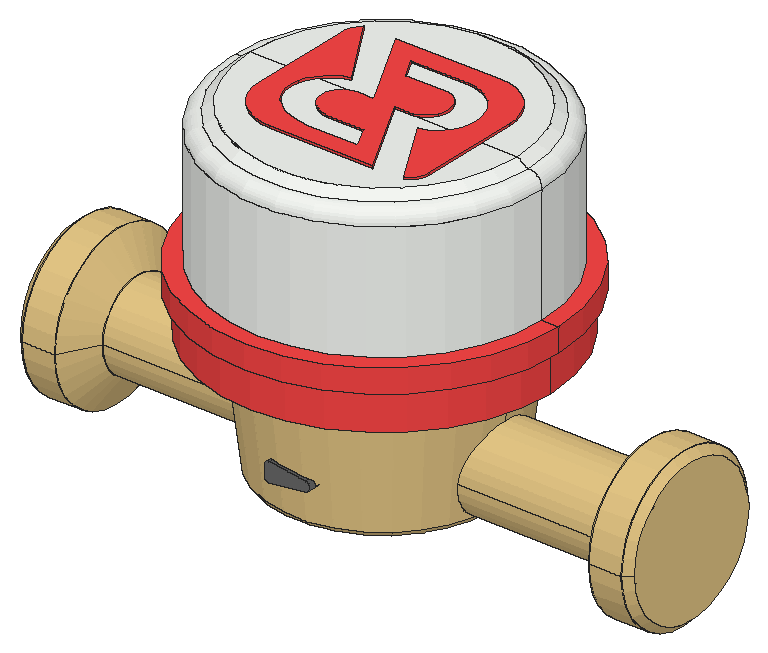
Revit family "РИДАН_Счетчик горячей и холодной воды СГВ", category Арматура трубопроводов, Revit 2019
Family settings
  Размер круглого соединителя = Использовать диаметр
  Тип детали = Вставляется
  На основе рабочей плоскости = Нет
  Всегда вертикально = Да
  При загрузке вырезать с полостями = Нет
  Общий = Нет
Parameters (values of type "СГВ-20МВ Без фитингов")
  Фитинги = or(num = 1, num = 2, num = 3, num = 7, num = 8, num = 9, num = 13, num = 14, num = 15)  # no
  Контакты_Производитель = "info@ridan.ru"  # constant formula
  Изготовитель = "ООО «Ридан-Трейд»"  # constant formula
  num = 18
  k = (i1 * 2) + (a * 2) + (b * 2) + (c * 2) + d  # 130 mm
  j1 = 5 mm  # constant formula
  j = if(ADSK_Диаметр условный = 15 mm, 30 mm, 37 mm)  # 37 mm
  i1 = if(Фитинги, i, 0 mm)  # 0 mm
  i = if(ADSK_Диаметр условный = 15 mm, 27 mm, 30 mm)  # 30 mm
  h = size_lookup(LT, "h", 20 mm, num)  # 9.25 mm
  g = size_lookup(LT, "g", 20 mm, num)  # 16.62 mm
  f = size_lookup(LT, "f", 20 mm, num)  # 15.02 mm
  e = size_lookup(LT, "e", 20 mm, num)  # 52.24 mm
  d = size_lookup(LT, "d", 20 mm, num)  # 104.48 mm
  c = size_lookup(LT, "c", 20 mm, num)  # 4.26 mm
  b = size_lookup(LT, "b", 20 mm, num)  # 6.9 mm
  a = size_lookup(LT, "a", 20 mm, num)  # 1.6 mm
  URL = "https://ridan.ru/"
  LT = "Table"  # constant formula
  DN = size_lookup(LT, "DN1", 20 mm, num)  # 25 mm
  ADSK_Расход жидкости = 0 m³/h
  ADSK_Наименование = size_lookup(LT, "Name", "", num)  # "Счётчик воды СГВ-20МВ Ридан Без фитингов"
  ADSK_Масса_Текст = ""
  ADSK_Масса = size_lookup(LT, "M", 0, num)  # 0.38
  ADSK_Марка = size_lookup(LT, "Mark", "", num)  # "СГВ-20МВ"
  ADSK_Количество = 1  # constant formula
  ADSK_Код изделия = size_lookup(LT, "", "", num)  # "187F2074R"
  ADSK_Завод-изготовитель = "ООО «Ридан-Трейд»"  # constant formula
  ADSK_Единица измерения = "шт."
  ADSK_Диаметр условный = size_lookup(LT, "DN", 20 mm, num)  # 20 mm
  ADSK_Версия семейства = "1.0"  # constant formula
  ADSK_Версия Revit = "2019"  # constant formula
Types (19, lengths in mm): name | Фитинги | num | k | j | i1 | i | h | g | f | e | d | c | b | a | DN | ADSK_Наименование | ADSK_Масса | ADSK_Марка | ADSK_Код изделия | ADSK_Диаметр условный
  (no name) | no | 18 | 130 | 37 | 0 | 30 | 9.25 | 16.62 | 15.02 | 52.24 | 104.48 | 4.26 | 6.9 | 1.6 | 25 | "Счётчик воды СГВ-20МВ Ридан Без фитингов" | 0.38 | "СГВ-20МВ" | "187F2074R" | 20
  СГВ-15ЭВ RS-485 (L80) С фитингами | yes | 1 | 134 | 30 | 27 | 27 | 7.47 | 13.22 | 12.02 | 29.675 | 59.36 | 3.32 | 5.8 | 1.2 | 15 | "Счётчик воды СГВ-15ЭВ RS-485 Ридан (L80) С фитингами" | 0.35 | "СГВ-15ЭВ" | "187F2045R" | 15
  СГВ-15ЭВ RS-485 С фитингами | yes | 2 | 164.01 | 30 | 27 | 27 | 7.47 | 13.22 | 12.02 | 44.68 | 89.37 | 3.32 | 5.8 | 1.2 | 15 | "Счётчик воды СГВ-15ЭВ RS-485 Ридан С фитингами" | 0.44 | "СГВ-15ЭВ" | "187F2046R" | 15
  СГВ-20ЭВ RS-485 С фитингами | yes | 3 | 190 | 37 | 30 | 30 | 9.25 | 16.62 | 15.02 | 52.24 | 104.48 | 4.26 | 6.9 | 1.6 | 20 | "Счётчик воды СГВ-20ЭВ RS-485 Ридан С фитингами" | 0.48 | "СГВ-20ЭВ" | "187F2047R" | 20
  СГВ-15ЭВ RS-485 (L80) Без фитингов | no | 4 | 80 | 30 | 0 | 27 | 7.47 | 13.22 | 12.02 | 29.675 | 59.36 | 3.32 | 5.8 | 1.2 | 20 | "Счётчик воды СГВ-15ЭВ RS-485 Ридан (L80) Без фитингов" | 0.29 | "СГВ-15ЭВ" | "187F2048R" | 15
  СГВ-15ЭВ RS-485 Без фитингов | no | 5 | 110.01 | 30 | 0 | 27 | 7.47 | 13.22 | 12.02 | 44.68 | 89.37 | 3.32 | 5.8 | 1.2 | 20 | "Счётчик воды СГВ-15ЭВ RS-485 Ридан Без фитингов" | 0.54 | "СГВ-15ЭВ" | "187F2049R" | 15
  СГВ-20ЭВ RS-485 Без фитингов | no | 6 | 130 | 37 | 0 | 30 | 9.25 | 16.62 | 15.02 | 52.24 | 104.48 | 4.26 | 6.9 | 1.6 | 25 | "Счётчик воды СГВ-20ЭВ RS-485 Ридан Без фитингов" | 0.4 | "СГВ-20ЭВ" | "187F2050R" | 20
  СГВ-15МВ c имп. вых. (L80) С фитингами | yes | 7 | 134 | 30 | 27 | 27 | 7.47 | 13.22 | 12.02 | 29.675 | 59.36 | 3.32 | 5.8 | 1.2 | 15 | "Счётчик воды СГВ-15МВ c имп. вых. Ридан (L80) С фитингами" | 0.39 | "СГВ-15МВ" | "187F2063R" | 15
  СГВ-15МВ c имп. вых. С фитингами | yes | 8 | 164.01 | 30 | 27 | 27 | 7.47 | 13.22 | 12.02 | 44.68 | 89.37 | 3.32 | 5.8 | 1.2 | 15 | "Счётчик воды СГВ-15МВ c имп. вых. Ридан С фитингами" | 0.35 | "СГВ-15МВ" | "187F2064R" | 15
  СГВ-20МВ c имп. вых. С фитингами | yes | 9 | 190 | 37 | 30 | 30 | 9.25 | 16.62 | 15.02 | 52.24 | 104.48 | 4.26 | 6.9 | 1.6 | 20 | "Счётчик воды СГВ-20МВ c имп. вых. Ридан С фитингами" | 0.5 | "СГВ-20МВ" | "187F2065R" | 20
  СГВ-15МВ c имп. вых. (L80) Без фитингов | no | 10 | 80 | 30 | 0 | 27 | 7.47 | 13.22 | 12.02 | 29.675 | 59.36 | 3.32 | 5.8 | 1.2 | 20 | "Счётчик воды СГВ-15МВ c имп. вых. Ридан (L80) Без фитингов" | 0.25 | "СГВ-15МВ" | "187F2066R" | 15
  СГВ-15МВ c имп. вых. Без фитингов | no | 11 | 110.01 | 30 | 0 | 27 | 7.47 | 13.22 | 12.02 | 44.68 | 89.37 | 3.32 | 5.8 | 1.2 | 20 | "Счётчик воды СГВ-15МВ c имп. вых. Ридан Без фитингов" | 0.32 | "СГВ-15МВ" | "187F2067R" | 15
  СГВ-20МВ c имп. вых. Без фитингов | no | 12 | 130 | 37 | 0 | 30 | 9.25 | 16.62 | 15.02 | 52.24 | 104.48 | 4.26 | 6.9 | 1.6 | 25 | "Счётчик воды СГВ-20МВ c имп. вых. Ридан Без фитингов" | 0.38 | "СГВ-20МВ" | "187F2068R" | 20
  СГВ-15МВ (L80) С фитингами | yes | 13 | 134 | 30 | 27 | 27 | 7.47 | 13.22 | 12.02 | 29.675 | 59.36 | 3.32 | 5.8 | 1.2 | 15 | "Счётчик воды СГВ-15МВ Ридан (L80) С фитингами" | 0.38 | "СГВ-15МВ" | "187F2069R" | 15
  СГВ-15МВ С фитингами | yes | 14 | 164.01 | 30 | 27 | 27 | 7.47 | 13.22 | 12.02 | 44.68 | 89.37 | 3.32 | 5.8 | 1.2 | 15 | "Счётчик воды СГВ-15МВ Ридан С фитингами" | 0.42 | "СГВ-15МВ" | "187F2070R" | 15
  СГВ-20МВ С фитингами | yes | 15 | 190 | 37 | 30 | 30 | 9.25 | 16.62 | 15.02 | 52.24 | 104.48 | 4.26 | 6.9 | 1.6 | 20 | "Счётчик воды СГВ-20МВ Ридан С фитингами" | 0.46 | "СГВ-20МВ" | "187F2071R" | 20
  СГВ-15МВ (L80) Без фитингов | no | 16 | 80 | 30 | 0 | 27 | 7.47 | 13.22 | 12.02 | 29.675 | 59.36 | 3.32 | 5.8 | 1.2 | 20 | "Счётчик воды СГВ-15МВ Ридан (L80) Без фитингов" | 0.28 | "СГВ-15МВ" | "187F2072R" | 15
  СГВ-15МВ Без фитингов | no | 17 | 110.01 | 30 | 0 | 27 | 7.47 | 13.22 | 12.02 | 44.68 | 89.37 | 3.32 | 5.8 | 1.2 | 20 | "Счётчик воды СГВ-15МВ Ридан Без фитингов" | 0.29 | "СГВ-15МВ" | "187F2073R" | 15
  СГВ-20МВ Без фитингов | no | 18 | 130 | 37 | 0 | 30 | 9.25 | 16.62 | 15.02 | 52.24 | 104.48 | 4.26 | 6.9 | 1.6 | 25 | "Счётчик воды СГВ-20МВ Ридан Без фитингов" | 0.38 | "СГВ-20МВ" | "187F2074R" | 20
Reference planes
  plane 1 "По центру (Вперед/Назад)": y = 0
  plane 2: z = 0
  plane 3 "По центру (Влево/Вправо)": x = 0
  plane 4: x = -65
  plane 5: x = -63.4
  plane 6: x = -56.5
  plane 7: x = -52.24
  plane 8: x = 52.24
  plane 9: x = 56.5
  plane 10: x = 63.4
  plane 11: x = 65
  plane 12: x = -65
  plane 13: x = 65
  plane 14: x = -70
  plane 15: x = 70
Forms (mm)
  Blend 1, solid, material "Латунь", detail levels fine
    base sketch origin (0, 0, 0) x (0, 1, 0) y (0, 0, 1)
      loop
        circle (0, 0) r 16.62
    top sketch origin (0, 0, 0) x (0, 1, 0) y (0, 0, 1)
      loop
        circle (0, 0) r 15.02
    from -63.4 to -65
  Extrusion 2, solid, material "Латунь", detail levels fine
    sketch origin (0, 0, 0) x (0, 1, 0) y (0, 0, 1)
      loop
        circle (0, 0) r 16.62
    from -63.4 to -56.5
  Blend 3, solid, material "Латунь", detail levels fine
    base sketch origin (0, 0, 0) x (0, 1, 0) y (0, 0, 1)
      loop
        circle (0, 0) r 16.62
    top sketch origin (0, 0, 0) x (0, 1, 0) y (0, 0, 1)
      loop
        circle (0, 0) r 9.25
    from -56.5 to -52.24
  Extrusion 4, solid, material "Латунь", detail levels fine
    sketch origin (0, 0, 0) x (0, 1, 0) y (0, 0, 1)
      loop
        circle (0, 0) r 9.25
    from -52.24 to 52.24
  Blend 5, solid, material "Латунь", detail levels fine
    base sketch origin (0, 0, 0) x (0, 1, 0) y (0, 0, -1)
      loop
        circle (0, 0) r 16.62
    top sketch origin (0, 0, 0) x (0, 1, 0) y (0, 0, -1)
      loop
        circle (0, 0) r 15.02
    from -63.4 to -65
  Extrusion 6, solid, material "Латунь", detail levels fine
    sketch origin (0, 0, 0) x (0, 1, 0) y (0, 0, -1)
      loop
        circle (0, 0) r 16.62
    from -63.4 to -56.5
  Blend 7, solid, material "Латунь", detail levels fine
    base sketch origin (0, 0, 0) x (0, 1, 0) y (0, 0, -1)
      loop
        circle (0, 0) r 16.62
    top sketch origin (0, 0, 0) x (0, 1, 0) y (0, 0, -1)
      loop
        circle (0, 0) r 9.25
    from -56.5 to -52.24
  Extrusion 8, solid, material "Пластик светло-черный", detail levels fine
    sketch origin (0, 0, 0) x (1, 0, 0) y (0, 0, 1)
      loop
        line (3.632, 0.991) -> (-3.868, 1.991)
        arc (-3.868, 1.991) -> (-4.659, 1.752) -> (-5, 1) r 1
        line (-5, 1) -> (-5, -1)
        arc (-5, -1) -> (-4.705, -1.713) -> (-3.992, -2.008) r 1.008
        line (-3.992, -2.008) -> (3.632, -0.991)
        arc (3.632, -0.991) -> (4.623, 0) -> (3.632, 0.991) r 0.991
    from 0 to 25.456
  Extrusion 9, solid, material "Латунь", visible <- "Фитинги", detail levels fine
    sketch origin (0, 0, 0) x (0, 1, 0) y (0, 0, 1)
      loop
        line (0, 21.362) -> (-18.5, 10.681) -> (-18.5, -10.681) -> (0, -21.362) -> (18.5, -10.681) -> (18.5, 10.681) -> (0, 21.362)
    from -70 to -56.5
  Extrusion 10, solid, material "Латунь", visible <- "Фитинги", detail levels fine
    sketch origin (0, 0, 0) x (0, 1, 0) y (0, 0, 1)
      loop
        line (0, 21.362) -> (-18.5, 10.681) -> (-18.5, -10.681) -> (0, -21.362) -> (18.5, -10.681) -> (18.5, 10.681) -> (0, 21.362)
    from 56.5 to 70
  Extrusion 11, solid, material "Латунь", visible <- "Фитинги", detail levels fine
    sketch origin (0, 0, 0) x (0, 1, 0) y (0, 0, 1)
      loop
        circle (0, 0) r 10
    from -65 to -70
  Extrusion 12, solid, material "Латунь", visible <- "Фитинги", detail levels fine
    sketch origin (0, 0, 0) x (0, 1, 0) y (0, 0, 1)
      loop
        circle (0, 0) r 10
    from 70 to 65
Dimensions and locks
  "a": plane 4 to plane 5
  "b": plane 5 to plane 6
  "c": plane 6 to plane 7
  "d": plane 7 to plane 8
  "e": plane 7 to plane 3 "По центру (Влево/Вправо)"
  "c": plane 8 to plane 9
  "b": plane 9 to plane 10
  "a": plane 10 to plane 11
  "i1": plane 12 to plane 4
  "i1": plane 11 to plane 13
  equal spacing: Extrusion 9 sketch curve, plane 2, Extrusion 9 sketch curve  (x2)
  equal spacing: Extrusion 9 sketch curve, plane 1 "По центру (Вперед/Назад)", Extrusion 9 sketch curve
  "j": Extrusion 9 sketch curve to Extrusion 9 sketch curve  (x3)
  "j1": plane 14 to plane 4
  "j1": plane 11 to plane 15
  equal spacing: Extrusion 10 sketch curve, plane 2, Extrusion 10 sketch curve  (x2)
  equal spacing: Extrusion 10 sketch curve, plane 1 "По центру (Вперед/Назад)", Extrusion 10 sketch curve
  "j": Extrusion 10 sketch curve to Extrusion 10 sketch curve  (x3)
  "g": radius of Blend 1 sketch curve
  "f": radius of Blend 1 sketch curve
  "g": radius of Extrusion 2 sketch curve
  "g": radius of Blend 3 sketch curve
  "h": radius of Blend 3 sketch curve
  "h": radius of Extrusion 4 sketch curve
  "g": radius of Blend 5 sketch curve
  "f": radius of Blend 5 sketch curve
  "g": radius of Extrusion 6 sketch curve
  "g": radius of Blend 7 sketch curve
  "h": radius of Blend 7 sketch curve
  "ADSK_Диаметр условный": diameter of Extrusion 11 sketch curve
  "ADSK_Диаметр условный": diameter of Extrusion 12 sketch curve
  angle Extrusion 9 sketch curve to Extrusion 9 sketch curve = 120.00°  (x6)
  angle Extrusion 10 sketch curve to Extrusion 10 sketch curve = 120.00°  (x6)
  aligned and locked: level to plane 2
  aligned and locked: Blend 1 to plane 5
  aligned and locked: plane 4 to Blend 1
  aligned and locked: Extrusion 2 to plane 6
  aligned and locked: plane 5 to Extrusion 2
  aligned and locked: Blend 3 to plane 7
  aligned and locked: plane 6 to Blend 3
  aligned and locked: plane 7 to Extrusion 4
  aligned and locked: Extrusion 4 to plane 8
  aligned and locked: plane 10 to Blend 5
  aligned and locked: Blend 5 to plane 11
  aligned and locked: plane 9 to Extrusion 6
  aligned and locked: Extrusion 6 to plane 10
  aligned and locked: plane 8 to Blend 7
  aligned and locked: Blend 7 to plane 9
  aligned and locked: plane 3 "По центру (Влево/Вправо)" to nested 1
  aligned and locked: Extrusion 9 to plane 6
  aligned and locked: plane 14 to Extrusion 9
  aligned and locked: plane 9 to Extrusion 10
  aligned and locked: Extrusion 10 to plane 15
  aligned and locked: Extrusion 11 to plane 14
  aligned and locked: plane 12 to Extrusion 11
  aligned and locked: plane 15 to Extrusion 12
  aligned and locked: Extrusion 12 to plane 13
  aligned and locked: plane 3 "По центру (Влево/Вправо)" to nested 2
  aligned and locked: plane 3 "По центру (Влево/Вправо)" to nested 3
Automatic sketch dimensions
  Extrusion 8 sketch curve to level = 0 mm
  Extrusion 8 sketch curve to level = 1 mm
  Extrusion 8 sketch curve to plane 3 "По центру (Влево/Вправо)" = 5 mm
  Extrusion 8 sketch curve to Extrusion 8 sketch curve = 1 mm
  Extrusion 8 sketch curve to level = 2.008 mm
  level to Extrusion 8 sketch curve = 1.991 mm
  Extrusion 8 sketch curve to Extrusion 8 sketch curve = 0.132 mm
  level to Extrusion 8 sketch curve = 0.991 mm
  plane 3 "По центру (Влево/Вправо)" to Extrusion 8 sketch curve = 3.632 mm
  Blend 1 sketch curve to level = 0 mm  (x2)
  Blend 1 sketch curve to plane 1 "По центру (Вперед/Назад)" = 0 mm  (x2)
  Extrusion 2 sketch curve to level = 0 mm
  Extrusion 2 sketch curve to plane 1 "По центру (Вперед/Назад)" = 0 mm
  Blend 3 sketch curve to level = 0 mm  (x2)
  Blend 3 sketch curve to plane 1 "По центру (Вперед/Назад)" = 0 mm  (x2)
  Extrusion 4 sketch curve to level = 0 mm
  Extrusion 4 sketch curve to plane 1 "По центру (Вперед/Назад)" = 0 mm
  Blend 5 sketch curve to level = 0 mm  (x2)
  Blend 5 sketch curve to plane 1 "По центру (Вперед/Назад)" = 0 mm  (x2)
  Extrusion 6 sketch curve to level = 0 mm
  Extrusion 6 sketch curve to plane 1 "По центру (Вперед/Назад)" = 0 mm
  Blend 7 sketch curve to level = 0 mm  (x2)
  Blend 7 sketch curve to plane 1 "По центру (Вперед/Назад)" = 0 mm  (x2)
  Extrusion 11 sketch curve to level = 0 mm
  Extrusion 11 sketch curve to plane 1 "По центру (Вперед/Назад)" = 0 mm
  Extrusion 12 sketch curve to level = 0 mm
  Extrusion 12 sketch curve to plane 1 "По центру (Вперед/Назад)" = 0 mm
Nested families
  nested 1: "Верхняя часть" at (0, 0, 0), type "Верхняя часть", detail levels fine
  nested 2: "УГО_Водосчетчик" at (0, 0, 0), УГО_Длина <- "k", type "УГО_Водосчетчик"
    with УГО_Длина 130 mm, УГО_Высота 75.056 mm
  nested 3: "УГО_ЭУ_Водосчетчик" at (0, 0, 0), УГО_Длина <- "k", type "УГО_ЭУ_Водосчетчик", detail levels coarse+medium
    with УГО_Длина 130 mm, УГО_Высота 75.056 mm
Connectors
  piping at (-65, 0, 0), diameter 25, driven by "DN", driven by "ADSK_Расход жидкости"
    settings: on plane 12, index 1, connector inside diameter 609.6 mm, connector length 0 mm, flow factor 0, pipe flow 0 m³/h, pressure drop 0.0 Pa, fitting loss kfactor 0, connector angle 0.00°, fixture units 0, engagement length 0 mm, angle of deflection 0.00°, flow configuration 0, flow direction 1, fitting loss method 0, system type 29, joint type 0, gender type 0, connector reference index -1, connector utility 0, adjustable connector no, is connector primary yes, connector description ""
  piping at (65, 0, 0), diameter 25, driven by "DN", driven by "ADSK_Расход жидкости"
    settings: on plane 13, index 2, connector inside diameter 609.6 mm, connector length 0 mm, flow factor 0, pipe flow 0 m³/h, pressure drop 0.0 Pa, fitting loss kfactor 0, connector angle 0.00°, fixture units 0, engagement length 0 mm, angle of deflection 0.00°, flow configuration 0, flow direction 2, fitting loss method 0, system type 29, joint type 0, gender type 0, connector reference index -1, connector utility 0, adjustable connector no, is connector primary no, connector description ""
Definition of nested family "Верхняя часть"
  Reference planes
    plane 1 "По центру (Вперед/Назад)": y = 0
    plane 2: z = 0
    plane 3 "По центру (Влево/Вправо)": x = 0
  Forms (mm)
    Revolve 1, solid
      sketch origin (0, 0, 0) x (1, 0, 0) y (0, 0, 1)
        loop
          line (-26.852, 17.5) -> (-23.668, -7.921)
          arc (-23.668, -7.921) -> (-22.596, -9.089) -> (-21.079, -9.548) r 3
          line (-21.079, -9.548) -> (0, -9.548) -> (0, 17.5) -> (-26.852, 17.5)
        axis (0, 17.5) -> (0, -9.548)
      angle from 0 to 360
    Revolve 2, solid
      sketch origin (0, 0, 0) x (1, 0, 0) y (0, 0, 1)
        loop
          line (-35.206, 17.5) -> (0, 17.5) -> (0, 30.75) -> (-36.956, 30.75) -> (-36.956, 25.75) -> (-35.206, 25.75) -> (-35.206, 17.5)
        axis (0, 30.75) -> (0, 17.5)
      angle from 0 to 360
    Revolve 3, solid
      sketch origin (0, 0, 0) x (1, 0, 0) y (0, 0, 1)
        loop
          line (-33.401, 30.75) -> (0, 30.75) -> (0, 59.95) -> (-28.201, 59.95) -> (-30.401, 58.45)
          arc (-30.401, 58.45) -> (-32.522, 57.571) -> (-33.401, 55.45) r 3
          line (-33.401, 55.45) -> (-33.401, 30.75)
        axis (0, 59.95) -> (0, 30.75)
      angle from 0 to 360
    Extrusion 4, solid, detail levels fine
      sketch origin (-19.651, -63.509, 122.293) x (1, 0, 0) y (0, 1, 0)
        loop
          line (7.705, 81.607) -> (17.474, 63.509) -> (13.967, 63.509)
          arc (13.967, 63.509) -> (11.082, 62.314) -> (9.887, 59.429) r 4.08
          arc (9.887, 59.429) -> (11.403, 55.771) -> (15.061, 54.256) r 5.173
          line (15.061, 54.256) -> (22.647, 54.256) -> (25.144, 49.56) -> (14.576, 49.56)
          arc (14.576, 49.56) -> (10.452, 50.292) -> (6.831, 52.396) r 11.993
          arc (6.831, 52.396) -> (4.197, 55.927) -> (3.945, 60.326) r 7.653
          arc (3.945, 60.326) -> (6.201, 64.344) -> (10.233, 66.575) r 8.431
          line (10.233, 66.575) -> (0.897, 81.607)
          arc (0.897, 81.607) -> (-0.32, 79.643) -> (-0.745, 77.371) r 6.285
          line (-0.745, 77.371) -> (-0.745, 56.028)
          arc (-0.745, 56.028) -> (2.349, 48.559) -> (9.818, 45.465) r 10.563
          line (9.818, 45.465) -> (31.568, 45.465) -> (21.828, 63.509) -> (25.588, 63.509)
          arc (25.588, 63.509) -> (27.613, 64.479) -> (29.068, 66.19) r 5.402
          arc (29.068, 66.19) -> (29.531, 68.114) -> (29.068, 70.039) r 4.228
          arc (29.068, 70.039) -> (27.689, 71.909) -> (25.549, 72.816) r 4.398
          line (25.549, 72.816) -> (16.684, 72.816) -> (14.276, 77.345) -> (26.321, 77.345)
          arc (26.321, 77.345) -> (30.738, 76.021) -> (34.053, 72.816) r 9.754
          arc (34.053, 72.816) -> (35.355, 69.168) -> (34.974, 65.313) r 8.846
          arc (34.974, 65.313) -> (32.843, 62.008) -> (29.375, 60.153) r 7.842
          line (29.375, 60.153) -> (37.932, 45.912)
          arc (37.932, 45.912) -> (39.631, 47.385) -> (40.264, 49.542) r 3.99
          line (40.264, 49.542) -> (40.264, 70.855)
          arc (40.264, 70.855) -> (37.115, 78.458) -> (29.512, 81.607) r 10.752
          line (29.512, 81.607) -> (7.705, 81.607)
      from -63.843 to -62
  Dimensions and locks
    aligned and locked: level to plane 2
Definition of nested family "УГО_Водосчетчик"
  Parameters (values of type "УГО_Водосчетчик")
    УГО_Длина [instance] = 48 mm
    УГО_Высота [instance] = (УГО_Длина / 2) / cos(30.00°)  # 27.713 mm
  Reference planes
    plane 1 "По центру (Вперед/Назад)": y = 0
    plane 2: z = 0
    plane 3 "По центру (Влево/Вправо)": x = 0
    plane 4: x = -24
    plane 5: x = 24
    plane 6: z = 13.856
    plane 7: z = -13.856
  Forms (mm)
    Extrusion 1, solid, detail levels coarse+medium
      sketch origin (0, 0, 0) x (1, 0, 0) y (0, 0, 1)
        loop
          line (-24, -13.856) -> (24, -13.856) -> (-24, 13.856) -> (-24, -13.856)
      from -0.5 to 0.5
    Extrusion 2, solid, detail levels coarse+medium
      sketch origin (0, 0, 0) x (1, 0, 0) y (0, 0, 1)
        loop
          line (24, -13.856) -> (24, 13.856) -> (-24, 13.856) -> (24, -13.856)
      from -0.5 to 0.5
  Dimensions and locks
    equal spacing: plane 5, plane 3 "По центру (Влево/Вправо)", plane 4
    "УГО_Длина": plane 5 to plane 4
    equal spacing: plane 6, plane 2, plane 7
    "УГО_Высота": plane 6 to plane 7
    aligned and locked: level to plane 2
    aligned and locked: plane 4 to Extrusion 1 sketch curve
    aligned and locked: Extrusion 2 sketch curve to plane 5
  Automatic sketch dimensions
    plane 5 to Extrusion 1 sketch curve = 0 mm
    Extrusion 1 sketch curve to plane 7 = 0 mm
    Extrusion 1 sketch curve to plane 6 = 0 mm
    Extrusion 2 sketch curve to plane 4 = 0 mm
    Extrusion 2 sketch curve to plane 7 = 0 mm
    Extrusion 2 sketch curve to plane 6 = 0 mm
Definition of nested family "УГО_ЭУ_Водосчетчик"
  Parameters (values of type "УГО_ЭУ_Водосчетчик")
    УГО_Длина [instance] = 100 mm
    УГО_Высота [instance] = (УГО_Длина / 2) / cos(30.00°)  # 57.735 mm
  Reference planes
    plane 1 "По центру (Вперед/Назад)": y = 0
    plane 2: z = 0
    plane 3 "По центру (Влево/Вправо)": x = 0
    plane 4: x = -50
    plane 5: x = 50
    plane 6: y = 28.868
    plane 7: y = -28.868
  Lines and regions (mm)
    Filled region 1, type "Сплошная заливка - Черный", in view "Опорный уровень"
      outline origin (0, 0, 0) x (1, 0, 0) y (0, 1, 0)
        loop
          line (-50, -28.868) -> (50, -28.868) -> (-50, 28.868) -> (-50, -28.868)
    Filled region 2, type "Сплошная заливка - Белый", in view "Опорный уровень"
      outline origin (0, 0, 0) x (1, 0, 0) y (0, 1, 0)
        loop
          line (50, -28.868) -> (50, 28.868) -> (-50, 28.868) -> (50, -28.868)
  Dimensions and locks
    equal spacing: plane 4, plane 3 "По центру (Влево/Вправо)", plane 5
    "УГО_Длина": plane 4 to plane 5
    equal spacing: plane 6, plane 1 "По центру (Вперед/Назад)", plane 7
    "УГО_Высота": plane 6 to plane 7
    aligned and locked: plane 4 to Filled region 1 sketch curve
    aligned and locked: Filled region 1 to plane 4
  Automatic sketch dimensions
    Filled region 1 sketch curve to plane 5 = 0 mm
    plane 7 to Filled region 1 sketch curve = 0 mm
    Filled region 1 sketch curve to plane 6 = 0 mm
    Filled region 2 sketch curve to plane 4 = 0 mm
    Filled region 2 sketch curve to plane 5 = 0 mm
    plane 7 to Filled region 2 sketch curve = 0 mm
    Filled region 2 sketch curve to plane 6 = 0 mm
